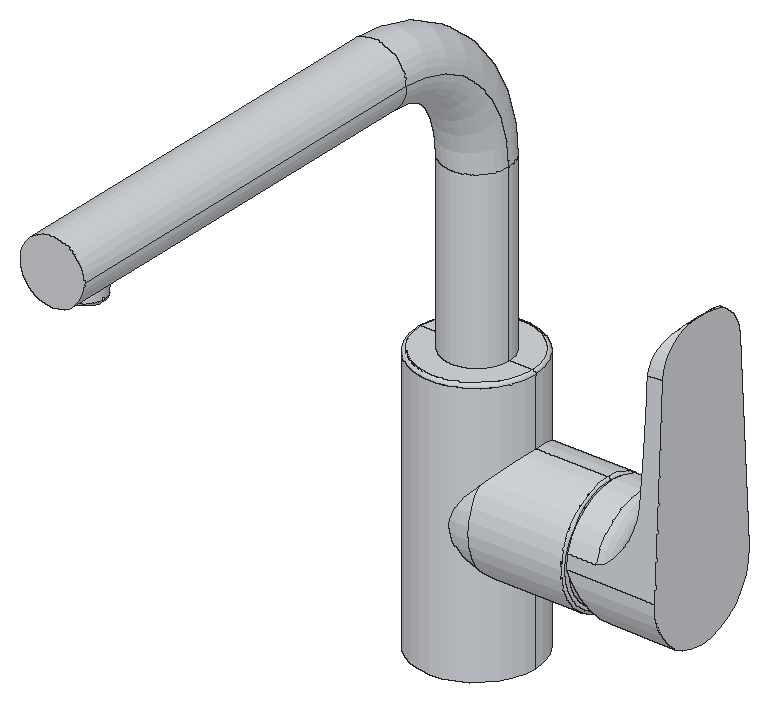
Revit family "Faucet-Lavatory-KOHLER-ALEO-K-76603T", category Plumbing Fixtures, host Face, Revit 2017
Family settings
  Host = Face
  Round Connector Dimension = Use Diameter
  Part Type = Normal
  OmniClass Number = 23.31.11.00
  OmniClass Title = Faucets
  Cut with Voids When Loaded = No
  Shared = No
  Room Calculation Point = No
Parameters (values of type "CP-Polished Chrome")
  Width = 4 95/256"  # constant formula
  WaterSense Certified = 1 = 0  # no
  Waste Water Outlet = "Waste Water Outlet"  # constant formula
  Waste Connection = 1 = 0  # no
  Vent Connection = 1 = 0  # no
  URL = "https://www.kohler.com.cn/"
  Type = 1
  Spout Reach = 7 153/256"  # constant formula
  Product Page URL = ""
  Product Name = "ALEO"  # constant formula
  Product Documentation Link = ""
  Pressure = 0.00 psi
  Model = "K-76603T-4-CP"  # constant formula
  Material = "Premium Metal Construction"  # constant formula
  Master Format 2014 Name = "Residential Faucets, Supplies, and Trim"  # constant formula
  Master Format 2014 = "22 41 39"  # constant formula
  Manufacturer Address = "Kohler Beijing Office (100016) 36-2-03-B, No. 88, Liuxiang Road, Beijing"  # constant formula
  Manufacturer = "KOHLER Co."  # constant formula
  Length = Spout Reach  # 7 153/256"
  Hot Water Inlet = "Hot Water Inlet"  # constant formula
  Height = 9 55/256"  # constant formula
  Handle Clearance = 3 159/256"  # constant formula
  HW Connection = 1 = 1  # yes
  Flow Rate = 0 GPM
  Finish = Kohler-Metal-CP-Polished_Chrome
  Environmental Product Declaration = ""
  Drain Included = 1 = 0  # no
  Description = "Washbasin faucet (without falling water)"  # constant formula
  Default Elevation = 36"
  Declare Label = ""
  Date Modified = "04/15/2021"  # constant formula
  Date Created = "04/15/2021"  # constant formula
  Copyright = "Copyright KOHLER Co."  # constant formula
  Contact Us = "http://www.kohler.com.cn/contact/contact-us/"
  Cold Water Inlet = "Cold Water Inlet"  # constant formula
  CW Connection = 1 = 1  # yes
  Assembly Code = "D2010"
  ADA Compliant = 1 = 0  # no
Reference planes (in)
  plane 1 "Center (Front/Back)": y = 0
  plane 2: z = 0
  plane 3 "Center (Left/Right)": x = 0
  plane 4: x = -0.90551
  plane 5: x = 0.90551
  plane 6: y = -0.90551
  plane 7: y = 0.90551
  plane 8: y = -8.14961
  plane 9: y = -3.30709
  plane 10: x = 3.46558
  plane 11: z = 9.21484
  plane 12: z = 4.09449
  plane 13: z = 5.74708
  plane 14: z = 2.12598
  plane 15: z = 8.18898
  plane 16: y = -7.59766
  plane 17: through (0, -8.14961, 1.88889) normal (0, 0.9962, -0.0872)
Dimensions and locks (in)
  plane 4 to plane 5 = 1.81102"
  plane 6 to plane 7 = 1.81102"
  plane 8 to plane 7 = 9.05512"
  "Handle Clearance": plane 13 to plane 14
  plane 14 to level = 2.12598"
  plane 12 to level = 4.09449"
  "Height": plane 11 to level
  "Width": plane 4 to plane 10
  level to plane 15 = 8.18898"
  "Spout Reach": plane 1 "Center (Front/Back)" to plane 16
  plane 11 to level = 9 55/256"
  plane 9 to plane 8 = 4.84252"
  aligned and locked: plane 2 to host face
  aligned and locked: level to host face
Automatic sketch dimensions
  host sketch curve to host sketch curve = 96"  (x2)
Nested families (in)
  nested 1: "K-76603T" at (0, 0, 0), type "K-76603T"
Connectors (in)
  piping at (-0.31496, 0, 0), diameter 0.5, driven by "Flow Rate", driven by "HW Connection", driven by "Hot Water Inlet"
    settings: on nested 1, index 1, connector inside diameter 24", connector length 0", flow factor 0, pipe flow 0 GPM, pressure drop 0.00 psi, fitting loss kfactor 0, connector angle 0.00°, fixture units 0, engagement length 0", angle of deflection 0.00°, flow configuration 0, flow direction 1, fitting loss method 0, system type 19, joint type 0, gender type 0, connector reference index -1, connector utility 1, adjustable connector no, is connector primary yes, connector description "Hot Water Inlet"
  piping at (0.31496, 0, 0), diameter 0.5, driven by "Flow Rate", driven by "CW Connection", driven by "Cold Water Inlet"
    settings: on nested 1, index 2, connector inside diameter 24", connector length 0", flow factor 0, pipe flow 0 GPM, pressure drop 0.00 psi, fitting loss kfactor 0, connector angle 0.00°, fixture units 0, engagement length 0", angle of deflection 0.00°, flow configuration 0, flow direction 1, fitting loss method 0, system type 20, joint type 0, gender type 0, connector reference index -1, connector utility 1, adjustable connector no, is connector primary no, connector description "Cold Water Inlet"
Definition of nested family "K-76603T"
  Parameters (values of type "K-76603T")
    Material = none
  Reference planes (in)
    plane 1 "Center (Front/Back)": y = 0
    plane 2: z = 0
    plane 3 "Center (Left/Right)": x = 0
    plane 4: z = 4.09449
    plane 5: z = 8.18898
    plane 6: y = -7.59843
    plane 7: y = -8.14961
    plane 8: y = -3.30709
    plane 9: through (0, -7.59843, 8.18898) normal (0, -0.9962, 0.0872)
    plane 10: x = 3.46457
    plane 11: z = 2.12598
    plane 12: z = 5.74803
    plane 13: z = 9.21399
    plane 14: x = -0.90551
    plane 15: y = 0.90551
    plane 16: x = 0.90551
    plane 17: y = -0.90551
    plane 18: x = -0.31496
    plane 19: x = 0.31496
  Forms (in)
    Revolve 1, solid, material <- "Material", detail levels medium+fine
      sketch origin (0, 0, 0) x (1, 0, 0) y (0, 0, 1)
        loop
          line (0, 0) -> (0, 4.09449) -> (-0.85521, 4.09449)
          arc (-0.85521, 4.09449) -> (-0.89078, 4.07976) -> (-0.90551, 4.04419) r 0.0503
          line (-0.90551, 4.04419) -> (-0.90551, 0) -> (0, 0)
        axis (0, 0) -> (0, 4.09449)
      angle from 0 to 360
    Revolve 2, solid, material <- "Material", detail levels medium+fine
      sketch origin (0, 0, 0) x (1, 0, 0) y (0, 0, 1)
        loop
          line (0, 2.12598) -> (2.55906, 2.12598) -> (2.55906, 2.76561)
          arc (2.55906, 2.76561) -> (2.31768, 2.89348) -> (2.04724, 2.9319) r 0.79336
          line (2.04724, 2.9319) -> (2.04724, 2.98887)
          arc (2.04724, 2.98887) -> (2.03571, 3.01671) -> (2.00787, 3.02824) r 0.03937
          line (2.00787, 3.02824) -> (0.59055, 3.02824)
          arc (0.59055, 3.02824) -> (0.28978, 2.99936) -> (0, 2.91375) r 1.58029
          line (0, 2.91375) -> (0, 2.12598)
        axis (0, 2.12598) -> (2.55906, 2.12598)
      angle from 0 to 360
    Extrusion 3, solid, material <- "Material", detail levels medium+fine
      sketch origin (0, 0, 0) x (0, 1, 0) y (0, 0, 1)
        loop
          arc (-0.8999, 2.1709) -> (0, 1.2226) -> (0.8999, 2.1709) r 0.90114
          line (0.8999, 2.1709) -> (0.74237, 5.17684)
          arc (0.74237, 5.17684) -> (0.59028, 5.54243) -> (0.24145, 5.72977) r 0.59055
          arc (0.24145, 5.72977) -> (0, 5.74803) -> (-0.24145, 5.72977) r 1.60536
          arc (-0.24145, 5.72977) -> (-0.59028, 5.54243) -> (-0.74237, 5.17684) r 0.59055
          line (-0.74237, 5.17684) -> (-0.8999, 2.1709)
      from 2.10669 to 3.45163
    Sweep 4, void
      path origin (0, 0, 0) x (0, 1, 0) y (0, 0, 1)
        loop
          arc (-0.94051, 2.08856) -> (0, 3.02693) -> (0.94051, 2.08856) r 0.94051
      profile origin (0, 0, 3.02693) x (0, 0, 1) y (1, 0, 0)
        loop
          line (0, 1.99616) -> (2.81231, 1.99616) -> (2.81231, 3.48747) -> (2.7211, 3.48747)
          arc (2.7211, 3.48747) -> (2.71594, 3.4385) -> (2.69045, 3.39637) r 0.11305
          arc (2.69045, 3.39637) -> (2.55455, 3.29536) -> (2.39295, 3.24478) r 0.50652
          arc (2.39295, 3.24478) -> (2.17119, 3.2218) -> (1.94841, 3.21307) r 3.47586
          arc (1.94841, 3.21307) -> (1.27781, 3.20089) -> (0.60764, 3.17382) r 30.19684
          arc (0.60764, 3.17382) -> (0.17612, 2.97523) -> (0, 2.53406) r 0.64061
          line (0, 2.53406) -> (0, 1.99616)
    Extrusion 5, void
      sketch origin (0, 0, 0) x (1, 0, 0) y (0, 0, 1)
        loop
          line (2.63049, 1.02522) -> (2.04724, 2.30093) -> (2.04724, 1.02522) -> (2.63049, 1.02522)
      from -1.40522 to 1.7559
    Sweep 6, solid, material <- "Material"
      path origin (0, 0, 0) x (0, 1, 0) y (0, 0, 1)
        loop
          line (-8.14961, 8.72256) -> (-1.9685, 8.72256)
          arc (-1.9685, 8.72256) -> (-0.57656, 8.146) -> (0, 6.75405) r 1.9685
          line (0, 6.75405) -> (0, 3.60445)
      profile origin (0, -5.05906, 8.72256) x (0, 0, 1) y (1, 0, 0)
        loop
          circle (0, 0) r 0.49213
    Revolve 7, solid, material <- "Material"
      sketch origin (0, 0, 0) x (0, 1, 0) y (0, 0, 1)
        loop
          line (-7.59988, 8.17238) -> (-7.29945, 8.1461)
          arc (-7.29945, 8.1461) -> (-7.27186, 8.15479) -> (-7.2585, 8.18045) r 0.03779
          line (-7.2585, 8.18045) -> (-7.22766, 8.53304) -> (-7.56574, 8.56262) -> (-7.59988, 8.17238)
        axis (-7.56574, 8.56262) -> (-7.59988, 8.17238)
      angle from 0 to 360
    Extrusion 8, void
      sketch origin (0, 0, 0) x (0, 1, 0) y (0, 0, 1)
        loop
          line (-7.57466, 8.14787) -> (-7.56578, 8.24938) -> (-7.62461, 8.25453) -> (-7.63394, 8.14787) -> (-7.57466, 8.14787)
      from -1.24079 to 1.27165
    Revolve 9, solid, material <- "Material", detail levels medium+fine
      sketch origin (0, 0, 0) x (1, 0, 0) y (0, 0, 1)
        loop
          line (2.99252, 1.35799) -> (2.84958, 1.35799) -> (2.84958, 1.23594)
          arc (2.84958, 1.23594) -> (2.85531, 1.22095) -> (2.86958, 1.21362) r 0.02245
          arc (2.86958, 1.21362) -> (2.93096, 1.20856) -> (2.99252, 1.20688) r 1.12407
          line (2.99252, 1.20688) -> (2.99252, 1.35799)
        axis (2.99252, 1.35799) -> (2.99252, 1.20688)
      angle from 0 to 360
    Revolve 10, solid, material <- "Material", detail levels medium+fine
      sketch origin (0, 0, 0) x (0, 1, 0) y (0, 0, 1)
        loop
          line (0.86076, 3.56299) -> (0.92524, 3.56299) -> (0.92524, 3.75702)
          arc (0.92524, 3.75702) -> (0.91865, 3.77293) -> (0.90273, 3.77952) r 0.0225
          line (0.90273, 3.77952) -> (0.86076, 3.77952) -> (0.86076, 3.56299)
        axis (0.86076, 3.56299) -> (0.92524, 3.56299)
      angle from 0 to 360
    Extrusion 11, solid, material <- "Material", detail levels coarse
      sketch origin (0, 0, 0) x (1, 0, 0) y (0, 1, 0)
        loop
          circle (0, 0) r 0.90551
      from 0 to 4.09993
    Extrusion 12, solid, material <- "Material", detail levels coarse
      sketch origin (0, 0, 0) x (0, 1, 0) y (0, 0, 1)
        loop
          circle (0, 2.12598) r 0.88583
      from -0.06347 to 3.45163
    Extrusion 13, solid, material <- "Material", detail levels coarse
      sketch origin (0, 0, 0) x (0, 1, 0) y (0, 0, 1)
        loop
          line (0.86915, 2.09207) -> (0.86915, 5.71421) -> (-0.85945, 5.71421) -> (-0.85945, 2.09207) -> (0.86915, 2.09207)
      from 3.17915 to 3.45163
    Extrusion 14, solid, material <- "Material", detail levels medium+fine
      sketch origin (0, 0, 0) x (1, 0, 0) y (0, 1, 0)
        loop
          circle (-0.31496, 0) r 0.07924
        loop
          circle (0.31496, 0) r 0.07924
      from 0 to 0.65856
  Cuts and joins
    Sweep 4, Extrusion 5 cuts Extrusion 3
    joined: Revolve 1, Revolve 2, Extrusion 3
    Extrusion 8 cuts Revolve 7
    joined: Extrusion 11, Extrusion 12, Extrusion 13
  Lines and regions (in)
    Masking region 1
      outline origin (0, 0, 0) x (1, 0, 0) y (0, 1, 0)
        loop
          arc (-0.21602, 0.87937) -> (-0.89294, 0.15038) -> (-0.49213, -0.76011) r 0.90551
          line (-0.49213, -0.76011) -> (-0.49213, -3.28546)
          arc (-0.49213, -3.28546) -> (-0.48579, -3.30075) -> (-0.4705, -3.30709) r 0.02162
          arc (-0.4705, -3.30709) -> (-0.48579, -3.31342) -> (-0.49213, -3.32871) r 0.02162
          line (-0.49213, -3.32871) -> (-0.49213, -8.07148)
          arc (-0.49213, -8.07148) -> (-0.48095, -8.10342) -> (-0.45229, -8.12143) r 0.05123
          arc (-0.45229, -8.12143) -> (-0.00279, -8.14798) -> (0.44676, -8.12237) r 3.88803
          arc (0.44676, -8.12237) -> (0.47914, -8.10557) -> (0.49213, -8.07148) r 0.05123
          line (0.49213, -8.07148) -> (0.49213, -3.32871)
          arc (0.49213, -3.32871) -> (0.48579, -3.31342) -> (0.4705, -3.30709) r 0.02162
          arc (0.4705, -3.30709) -> (0.48579, -3.30075) -> (0.49213, -3.28546) r 0.02162
          line (0.49213, -3.28546) -> (0.49213, -0.90551) -> (2.01678, -0.90551)
          arc (2.01678, -0.90551) -> (2.03832, -0.89659) -> (2.04724, -0.87505) r 0.03046
          line (2.04724, -0.87505) -> (2.04724, -0.84003) -> (2.10669, -0.83483) -> (2.10669, -0.90551) -> (3.43399, -0.90551)
          arc (3.43399, -0.90551) -> (3.45561, -0.89656) -> (3.46457, -0.87494) r 0.03057
          line (3.46457, -0.87494) -> (3.46457, 0.87494)
          arc (3.46457, 0.87494) -> (3.45561, 0.89656) -> (3.43399, 0.90551) r 0.03057
          line (3.43399, 0.90551) -> (2.10669, 0.90551) -> (2.10669, 0.8256) -> (2.04724, 0.8308) -> (2.04724, 0.87505)
          arc (2.04724, 0.87505) -> (2.03832, 0.89659) -> (2.01678, 0.90551) r 0.03046
          line (2.01678, 0.90551) -> (0.21551, 0.90551)
          arc (0.21551, 0.90551) -> (0.21182, 0.92437) -> (0.19459, 0.93289) r 0.02168
          line (0.19459, 0.93289) -> (-0.19459, 0.93289)
          arc (-0.19459, 0.93289) -> (-0.20975, 0.92661) -> (-0.21602, 0.91146) r 0.02143
          line (-0.21602, 0.91146) -> (-0.21602, 0.87937)
    Masking region 2
      outline origin (0, 0, 0) x (0, 1, 0) y (0, 0, 1)
        loop
          line (0.90551, 0) -> (0.90551, 3.34863)
          arc (0.90551, 3.34863) -> (0.91982, 3.36029) -> (0.9252, 3.37795) r 0.03169
          line (0.9252, 3.37795) -> (0.9252, 3.74803)
          arc (0.9252, 3.74803) -> (0.91983, 3.7659) -> (0.90551, 3.77787) r 0.03245
          line (0.90551, 3.77787) -> (0.90551, 4.06668)
          arc (0.90551, 4.06668) -> (0.89737, 4.08634) -> (0.8777, 4.09449) r 0.02781
          line (0.8777, 4.09449) -> (0.80364, 4.09449) -> (0.74961, 5.00287)
          arc (0.74961, 5.00287) -> (0.72792, 5.18609) -> (0.68501, 5.36554) r 1.57956
          arc (0.68501, 5.36554) -> (0.61131, 5.51138) -> (0.49213, 5.62318) r 0.46997
          line (0.49213, 5.62318) -> (0.49213, 6.75336)
          arc (0.49213, 6.75336) -> (-0.22858, 8.49329) -> (-1.9685, 9.21399) r 2.46063
          line (-1.9685, 9.21399) -> (-3.28695, 9.21399)
          arc (-3.28695, 9.21399) -> (-3.30119, 9.20809) -> (-3.30709, 9.19385) r 0.02013
          arc (-3.30709, 9.19385) -> (-3.31298, 9.20809) -> (-3.32722, 9.21399) r 0.02013
          line (-3.32722, 9.21399) -> (-8.06762, 9.21399)
          arc (-8.06762, 9.21399) -> (-8.09223, 9.20514) -> (-8.10557, 9.18265) r 0.03865
          arc (-8.10557, 9.18265) -> (-8.14961, 8.72116) -> (-8.10552, 8.25967) r 2.43877
          arc (-8.10552, 8.25967) -> (-8.09278, 8.23819) -> (-8.06927, 8.22974) r 0.03692
          line (-8.06927, 8.22974) -> (-7.94559, 8.22974) -> (-7.91765, 8.2018) -> (-7.62378, 8.17609) -> (-7.61909, 8.22974) -> (-7.5598, 8.22974) -> (-7.56495, 8.17094) -> (-7.27108, 8.14523) -> (-7.24124, 8.15914) -> (-7.23507, 8.22974) -> (-3.32722, 8.22974)
          arc (-3.32722, 8.22974) -> (-3.31298, 8.23563) -> (-3.30709, 8.24987) r 0.02013
          arc (-3.30709, 8.24987) -> (-3.30119, 8.23563) -> (-3.28695, 8.22974) r 0.02013
          line (-3.28695, 8.22974) -> (-1.9685, 8.22974)
          arc (-1.9685, 8.22974) -> (-0.92455, 7.79732) -> (-0.49213, 6.75336) r 1.47638
          line (-0.49213, 6.75336) -> (-0.49213, 5.62318)
          arc (-0.49213, 5.62318) -> (-0.61131, 5.51138) -> (-0.68501, 5.36554) r 0.46997
          arc (-0.68501, 5.36554) -> (-0.72792, 5.18609) -> (-0.74961, 5.00287) r 1.57956
          line (-0.74961, 5.00287) -> (-0.80364, 4.09449) -> (-0.8777, 4.09449)
          arc (-0.8777, 4.09449) -> (-0.89737, 4.08634) -> (-0.90551, 4.06668) r 0.02781
          line (-0.90551, 4.06668) -> (-0.90551, 0) -> (0.90551, 0)
    Masking region 3
      outline origin (0, 0, 0) x (1, 0, 0) y (0, 0, 1)
        loop
          line (-0.90551, 0) -> (0.90551, 0) -> (0.90551, 0.95344)
          arc (0.90551, 0.95344) -> (0.98364, 1.14207) -> (1.17227, 1.2202) r 0.26676
          line (1.17227, 1.2202) -> (2.02216, 1.2202)
          arc (2.02216, 1.2202) -> (2.0399, 1.22755) -> (2.04724, 1.24528) r 0.02509
          line (2.04724, 1.24528) -> (2.04724, 1.29184)
          arc (2.04724, 1.29184) -> (2.07734, 1.29286) -> (2.10737, 1.29504) r 0.78558
          arc (2.10737, 1.29504) -> (2.28628, 1.3436) -> (2.43803, 1.4501) r 0.53707
          line (2.43803, 1.4501) -> (2.54524, 1.2202) -> (3.42449, 1.2202)
          arc (3.42449, 1.2202) -> (3.45283, 1.23194) -> (3.46457, 1.26027) r 0.04008
          line (3.46457, 1.26027) -> (3.46457, 5.71655)
          arc (3.46457, 5.71655) -> (3.45503, 5.73542) -> (3.43418, 5.73892) r 0.02343
          arc (3.43418, 5.73892) -> (3.38561, 5.71311) -> (3.34982, 5.67136) r 0.14805
          arc (3.34982, 5.67136) -> (3.26227, 5.46773) -> (3.22383, 5.24944) r 0.95863
          arc (3.22383, 5.24944) -> (3.20481, 4.82904) -> (3.19691, 4.40828) r 15.90856
          arc (3.19691, 4.40828) -> (3.1917, 4.03585) -> (3.18018, 3.66357) r 22.01161
          arc (3.18018, 3.66357) -> (2.97881, 3.21534) -> (2.523, 3.03177) r 0.65769
          line (2.523, 3.03177) -> (2.10737, 3.03177) -> (2.10737, 2.95693)
          arc (2.10737, 2.95693) -> (2.07734, 2.95911) -> (2.04724, 2.96013) r 0.78558
          line (2.04724, 2.96013) -> (2.04724, 3.00668)
          arc (2.04724, 3.00668) -> (2.0399, 3.02442) -> (2.02216, 3.03177) r 0.02509
          line (2.02216, 3.03177) -> (1.17227, 3.03177)
          arc (1.17227, 3.03177) -> (0.98364, 3.1099) -> (0.90551, 3.29853) r 0.26676
          line (0.90551, 3.29853) -> (0.90551, 4.04499)
          arc (0.90551, 4.04499) -> (0.89101, 4.07999) -> (0.85601, 4.09449) r 0.0495
          line (0.85601, 4.09449) -> (0.49213, 4.09449) -> (0.49213, 8.72028)
          arc (0.49213, 8.72028) -> (0, 9.21241) -> (-0.49213, 8.72028) r 0.49213
          line (-0.49213, 8.72028) -> (-0.49213, 4.09449) -> (-0.85601, 4.09449)
          arc (-0.85601, 4.09449) -> (-0.89101, 4.07999) -> (-0.90551, 4.04499) r 0.0495
          line (-0.90551, 4.04499) -> (-0.90551, 0)
    symbolic lines, detail levels medium+fine
      curve 1: arc (3.34552, 0.70871, 0) -> (3.20192, 0.00443, 0) -> (3.3452, -0.69993, 0) r 1.80091
      curve 2: arc (3.34245, 0.75818, 0) -> (3.36654, 0.0057, 0) -> (3.34227, -0.74678, 0) r 11.72217
      curve 3: arc (3.2897, 0.82268, 0) -> (2.99232, 0.88369, 0) -> (2.68969, 0.90773, 0) r 2.46829
      curve 4: arc (3.34245, 0.75818, 0) -> (3.32643, 0.7989, 0) -> (3.2897, 0.82268, 0) r 0.07156
      curve 5: arc (2.68969, 0.90773, 0) -> (2.67584, 0, 0) -> (2.69038, -0.90771, 0) r 29.02877
      curve 6: arc (3.2897, -0.82268, 0) -> (2.99266, -0.88364, 0) -> (2.69038, -0.90771, 0) r 2.46829
      curve 7: arc (3.34227, -0.74678, 0) -> (3.32986, -0.79434, 0) -> (3.2897, -0.82268, 0) r 0.07156
      curve 8: line (2.10669, 0.84098, 0) -> (2.10669, -0.84098, 0)
      curve 9: line (2.04724, 0.84618, 0) -> (2.04724, -0.87748, 0)
      curve 10: arc (3.29997, 0.86069, 0) -> (3.19524, 0.88658, 0) -> (3.08949, 0.90794, 0) r 2.50766
      curve 11: arc (3.38174, 0.76071, 0) -> (3.35691, 0.82382, 0) -> (3.29997, 0.86069, 0) r 0.11093
      curve 12: arc (3.38174, 0.76071, 0) -> (3.40591, 0.0071, 0) -> (3.38174, -0.74651, 0) r 11.76154
      curve 13: arc (3.38174, -0.74651, 0) -> (3.36122, -0.81819, 0) -> (3.29997, -0.86069, 0) r 0.11093
      curve 14: arc (3.29997, -0.86069, 0) -> (3.19524, -0.88658, 0) -> (3.08949, -0.90794, 0) r 2.50766
      curve 15: arc (-0.21602, 0.87937, 0) -> (0.83128, 0.35906, 0) -> (0.49213, -0.76011, 0) r 0.90551
      curve 16: line (0.21627, 0.91121, 0) -> (0.21627, 0.87931, 0)
      curve 17: line (-0.4705, -3.30709, 0) -> (0.4705, -3.30709, 0)
      curve 18: line (-0.49213, -3.28546, 0) -> (0.49213, -3.28546, 0)
      curve 19: line (-0.49213, -3.32871, 0) -> (0.49213, -3.32871, 0)
      curve 20: line (-0.49213, -8.07148, 0) -> (0.49213, -8.07148, 0)
      curve 21: line (0.49213, -0.90794, 0) -> (0.49213, -0.01796, 0)
      curve 22: line (-0.49213, -0.76011, 0) -> (-0.49213, -0.01796, 0)
      curve 23: arc (-0.49213, -0.01796, 0) -> (0, 0.47416, 0) -> (0.49213, -0.01796, 0) r 0.49213
      curve 24: arc (-0.49213, -0.71275, 0) -> (0, 0.86614, 0) -> (0.49213, -0.71275, 0) r 0.86614
      curve 25: line (2.04724, 0, 2.96013) -> (2.04724, 0, 1.29184)
      curve 26: line (2.10737, 0, 2.95693) -> (2.10737, 0, 1.29504)
      curve 27: line (2.43803, 0, 1.4501) -> (2.10737, 0, 2.19278)
      curve 28: line (-0.49213, 0, 4.09449) -> (0.49213, 0, 4.09449)
      curve 29: arc (-0.2982, 0, 8.16964) -> (-0.00633, 0, 8.14522) -> (0.28557, 0, 8.16923) r 1.77138
      curve 30: line (-0.33789, 0, 8.21654) -> (-0.33789, 0, 8.36476)
      curve 31: arc (-0.2982, 0, 8.16964) -> (-0.32663, 0, 8.18582) -> (-0.33789, 0, 8.21654) r 0.04755
      curve 32: arc (-0.49213, 0, 8.72256) -> (0, 0, 8.23043) -> (0.49213, 0, 8.72256) r 0.49213
      curve 33: line (0.33789, 0, 8.21654) -> (0.33789, 0, 8.36476)
      curve 34: arc (0.28557, 0, 8.16923) -> (0.32223, 0, 8.18127) -> (0.33789, 0, 8.21654) r 0.04755
      curve 35: arc (0.90551, 0, 3.29853) -> (0.63543, 0, 2.12598) -> (0.90551, 0, 0.95344) r 2.68031
      curve 36: arc (0, 0.90551, 3.77787) -> (0, 0.89762, 3.56325) -> (0, 0.90551, 3.34863) r 2.9205
      curve 37: line (0, 0.80364, 4.09449) -> (0, -0.80364, 4.09449)
      curve 38: line (0, 0.49213, 5.62318) -> (0, 0.49213, 4.09449)
      curve 39: line (0, -0.49213, 5.62318) -> (0, -0.49213, 4.09449)
      curve 40: line (0, -3.30709, 9.19385) -> (0, -3.30709, 8.24987)
      curve 41: line (0, -3.28695, 9.21399) -> (0, -3.28695, 8.22974)
      curve 42: line (0, -3.32722, 9.21399) -> (0, -3.32722, 8.22974)
      curve 43: line (0, -1.9685, 9.21399) -> (0, -1.9685, 8.22974)
      curve 44: line (0, -0.49213, 6.75336) -> (0, 0.49213, 6.75336)
      curve 45: line (0, -8.06762, 9.21399) -> (0, -8.06762, 8.22977)
      curve 46: line (0, -7.23507, 8.22974) -> (0, -7.94559, 8.22974)
      curve 47: arc (-0.46063, 0, 8.72256) -> (0, 0, 8.26193) -> (0.46063, 0, 8.72256) r 0.46063
      curve 48: arc (0.46063, 0, 8.72256) -> (0, 0, 9.18319) -> (-0.46063, 0, 8.72256) r 0.46063
  Dimensions and locks (in)
    plane 4 to level = 4.09449"
    plane 11 to level = 2.12598"
    plane 12 to plane 11 = 3.62205"
    plane 10 to plane 3 "Center (Left/Right)" = 3.46457"
    plane 1 "Center (Front/Back)" to plane 7 = 8.14961"
    plane 8 to plane 7 = 4.84252"
    plane 5 to level = 8.18898"
    plane 1 "Center (Front/Back)" to plane 6 = 7.59843"
    level to plane 13 = 9.21399"
    aligned and locked: plane 2 to level
